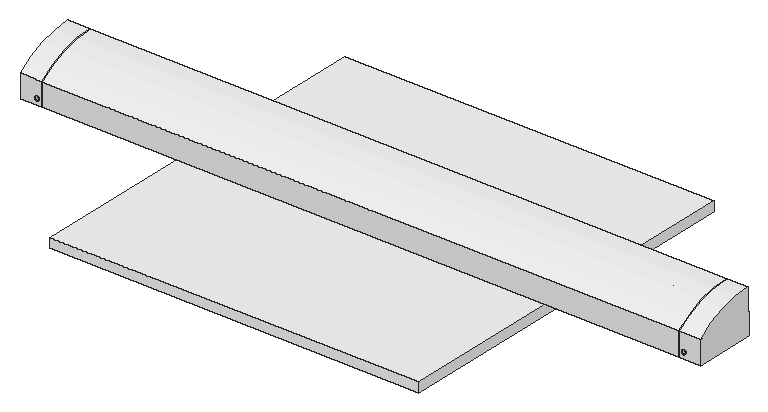
Revit family "BE_51258.1_de_DE", category Lighting Fixtures, host Face, Revit 2020
Family settings
  Host = Face
  Round Connector Dimension = Use Diameter
  Part Type = Normal
  Cut with Voids When Loaded = Yes
  Light Source = Yes
  Shared = No
  Room Calculation Point = Yes
Parameters (values of type "BEGA_51258.1_K3")
  Material_22 = BEGA_Oberfläche_Aluminium_matt
  built-in parameter 1150104 = 14.452 (stored number, unit not read)
  Wattage = 13.5 W
  Default Elevation = 0 mm
  built-in parameter 1150113 = 1 (stored number, unit not read)
  built-in parameter 1114218 = 1 (stored number, unit not read)
  Umgebungstemperatur = "25 °C"
  URL = "https://www.bega.com/de/produkt/51258.1"
  Type Comments = "© 2023 BEGA. Wir behalten uns das Recht vor, technische Änderungen ohne vorherige Ankündigung vorzunehmen."  # constant formula
  built-in parameter 1150134 = (empty or 0)
  built-in parameter 1150109 = 1 (stored number, unit not read)
  Strom = ""
  built-in parameter 1150110 = 1 (stored number, unit not read)
  Spannung = 239.996 V
  Sonderanfertigung = no
  Seriennummer [instance] = "Hier können Sie die eindeutige Seriennummer für das Facility Management eintragen."
  Schutzklasse = "I"
  Schutzart = "IP 20"
  Apparent Load = 0 VA
  Produktdatenblatt = "https://cdn.bega.com/bega/products/51258.1K3/current/documents/data-sheets/de"
  Tilt Angle = 0.00°
  Model = "51258.1K3"
  Material_34 = BEGA_Oberfläche_Samtweiss_matt
  Material_14 = BEGA_Kunststoff_opal
  Material_06 = BEGA_Oberfläche_Edelstahl_gebürstet
  M_W = no
  M_G = no
  M_A = no
  Logo = 0
  built-in parameter 1114217 = 1 (stored number, unit not read)
  built-in parameter 1150139 = (empty or 0)
  built-in parameter 1150105 = 167.12 (stored number, unit not read)
  built-in parameter 1150114 = 1 (stored number, unit not read)
  Lumens = 2100.06 lm
  built-in parameter 1150115 = 1 (stored number, unit not read)
  Leuchtenlichtstrom = "1407 lm"
  Leuchtenanzahl = ""
  Lebensdauerkriterien = "L70B50 @ 25 °C = 180000 h"
  Lastklassifizierung = Beleuchtung
  built-in parameter 1150112 = 1 (stored number, unit not read)
  Lampenlichtstrom = "2100 lm"
  Lamp = "LED 13.5 W"
  LED_Modulbezeichnung = "LED-1319/930"
  Manufacturer = "BEGA"  # constant formula
  Halbstreuwinkel = ""
  Gewicht = "2.0 kg"
  Frequenz = "0/50-60 Hz"
  Farbwiedergabeindex = "CRI > 90"
  Dimming Lamp Color Temperature Shift = <None>
  Farbtemperatur = "3000 K"
  Color Filter = 16777215
  built-in parameter 1150133 = 10 (stored number, unit not read)
  Energieeffizienzklasse = "LED A++ - A"
  built-in parameter 1150137 = (empty or 0)
  built-in parameter 1150132 = (empty or 0)
  Dimmbar [instance] = "DALI"
  Photometric Web File = "BE_51258-1K3.ies"
  CE_Konformität = "ja"
  Bestellnummer = "51258.1K3"
  Beschreibung_Sonderanfertigung = "Hier können Sie Informationen zur Sonderanfertigung eintragen."
  Description = "Wandleuchte"
  built-in parameter 1150106 = 1.6712 (stored number, unit not read)
  Befestigungsbohrung = "Ø 4,5 mm"
  Befestigungsabstand = "340 mm"
  BEGA_Intern_aus = yes
  BEGA_Intern_an = yes
  BEGA_Intern_Konstruktion = yes
  BEGA_Intern = yes
  BEGA_IES = yes
  BEGA_Dummy = no
  Anschlussleistung [instance] = "16.5 W"
  Anschlusskasten = ""
  built-in parameter 1150107 = 3000 (stored number, unit not read)
  built-in parameter 1150102 = (empty or 0)
  built-in parameter 1150138 = (empty or 0)
  Aktualisierung = "2023-02-27T04:00:04"
  AC/DC = "AC/DC"
Reference planes
  plane 1 "Mitte (Vorne/Hinten)": y = 0
  plane 2: z = 0
  plane 3 "Mitte (Links/Rechts)": x = 0
  plane 4 "Links": x = -368.5
  plane 5 "Rechts": x = 368.5
  plane 6 "Unten": y = -28.98
  plane 7 "Oben": y = 36.02
  plane 8 "Vorne": z = 48
  plane 9 "Hinten": z = 0
Forms (mm)
  Extrusion 1, solid, material "BEGA_Platte_Weiss"
    sketch origin (0, -1119.2, 0) x (1, 0, 0) y (0, 1, 0)
      loop
        line (-200, 1319.2) -> (-200, 919.2) -> (200, 919.2) -> (200, 1319.2) -> (-200, 1319.2)
    from 0 to -10
  Extrusion 2, solid, material "BEGA_Dummy_matt", visible <- "BEGA_Dummy"
    sketch origin (80.095, -76.023, 0) x (1, 0, 0) y (0, 1, 0)
      loop
        line (-448.595, 112.043) -> (-448.595, 47.043) -> (288.405, 47.043) -> (288.405, 112.043) -> (-448.595, 112.043)
    from 0 to 48
Dimensions and locks
  plane 1 "Mitte (Vorne/Hinten)" to Extrusion 1 = 200 mm
  aligned and locked: plane 2 to Extrusion 1
  aligned and locked: level to Extrusion 1
Nested families
  nested 1: "BE_51258.1_Leuchte" at (0, 0, 0), type "BE_51258.1_Leuchte"
Connectors
  electrical at (0, 0, 0), driven by "Lastklassifizierung", driven by "Spannung", driven by "Apparent Load"
    settings: index 1, voltage 239.996 V, apparent load 0 VA, apparent load phase1 0 VA, apparent load phase2 0 VA, apparent load phase3 0 VA, power factor 1, load classification "Beleuchtung", number of poles 1, system type 31, power factor state 1, is connector primary yes, connector utility no, sub classification motor no, connector description ""
Definition of nested family "BE_51258.1_Leuchte"
  Parameters (values of type "BE_51258.1_Leuchte")
    Material_22 = none
    Default Elevation = 1 mm
    URL = "http://www.bega.de/de/produkt"
    Type Comments = "© 2015 BEGA. Wir behalten uns das Recht vor, technische Änderungen ohne vorherige Ankündigung vorzunehmen. "  # constant formula
    Type Image = (empty or 0)
    Material_34 = none
    Material_14 = none
    Material_06 = none
    Länge_Platte = 800 mm  # constant formula
    Höhe_Platte = -10 mm  # constant formula
    Manufacturer = "BEGA"  # constant formula
    Breite_Platte = 200 mm  # constant formula
  Reference planes
    plane 1 "Mitte (Oben/Unten)": y = 0
    plane 2: z = 0
    plane 3 "Mitte (Links/Rechts)": x = 0
    plane 4: z = 48
    plane 5: y = -28.98
    plane 6: y = 36.02
    plane 7: z = 0
    plane 8: x = 368.5
    plane 9: x = -368.5
  Forms (mm)
    Extrusion 1, solid, detail levels medium
      sketch origin (0, 0, 0) x (1, 0, 0) y (0, 1, 0)
        loop
          line (-400, 100) -> (-400, -100) -> (400, -100) -> (400, 100) -> (-400, 100)
      from 0 to -10 <- "Höhe_Platte"
    Extrusion 2, solid, material <- "Material_22"
      sketch origin (0, 0, 0) x (0, 1, 0) y (0, 0, 1)
        loop
          line (-23.48, 4) -> (-25.98, 1.5) -> (-25.979, 0) -> (-22.981, 0) -> (-22.981, 1) -> (17.02, 1) -> (17.02, 0) -> (20.02, 0) -> (20.02, 1.5) -> (17.52, 4) -> (-23.48, 4)
      from -359 to 359
    Extrusion 3, void
      sketch origin (0, 0, 0) x (1, 0, 0) y (0, 1, 0)
        loop
          line (342.75, -0.729) -> (337.25, -0.729)
          arc (337.25, -0.729) -> (335, -2.979) -> (337.25, -5.229) r 2.25
          line (337.25, -5.229) -> (342.75, -5.229)
          arc (342.75, -5.229) -> (345, -2.979) -> (342.75, -0.729) r 2.25
        loop
          arc (318, -9.979) -> (325, -2.979) -> (318, 4.021) r 7
          line (318, 4.021) -> (267, 4.021)
          arc (267, 4.021) -> (260, -2.979) -> (267, -9.979) r 7
          line (267, -9.979) -> (318, -9.979)
        loop
          arc (238, -9.979) -> (245, -2.979) -> (238, 4.021) r 7
          line (238, 4.021) -> (187, 4.021)
          arc (187, 4.021) -> (180, -2.979) -> (187, -9.979) r 7
          line (187, -9.979) -> (238, -9.979)
        loop
          arc (158, -9.979) -> (165, -2.979) -> (158, 4.021) r 7
          line (158, 4.021) -> (107, 4.021)
          arc (107, 4.021) -> (100, -2.979) -> (107, -9.979) r 7
          line (107, -9.979) -> (158, -9.979)
        loop
          arc (78, -9.979) -> (85, -2.979) -> (78, 4.021) r 7
          line (78, 4.021) -> (27, 4.021)
          arc (27, 4.021) -> (20, -2.979) -> (27, -9.979) r 7
          line (27, -9.979) -> (78, -9.979)
        loop
          line (-2.75, -5.229) -> (2.75, -5.229)
          arc (2.75, -5.229) -> (5, -2.979) -> (2.75, -0.729) r 2.25
          line (2.75, -0.729) -> (-2.75, -0.729)
          arc (-2.75, -0.729) -> (-5, -2.979) -> (-2.75, -5.229) r 2.25
        loop
          arc (-27, -9.979) -> (-20, -2.979) -> (-27, 4.021) r 7
          line (-27, 4.021) -> (-78, 4.021)
          arc (-78, 4.021) -> (-85, -2.979) -> (-78, -9.979) r 7
          line (-78, -9.979) -> (-27, -9.979)
        loop
          line (-337.75, -5.729) -> (-337.75, -0.229)
          arc (-337.75, -0.229) -> (-340, 2.021) -> (-342.25, -0.229) r 2.25
          line (-342.25, -0.229) -> (-342.25, -5.729)
          arc (-342.25, -5.729) -> (-340, -7.979) -> (-337.75, -5.729) r 2.25
      from 1 to 4
    Extrusion 4, solid, material <- "Material_34"
      sketch origin (0, 0, 0) x (0, 1, 0) y (0, 0, 1)
        loop
          line (-28.98, 25.462) -> (-28.98, 0.283) -> (-27.697, 0.283) -> (-24.98, 3) -> (-24.98, 24.78) -> (-0.665, 30.842) -> (14.023, 10.627) -> (17.52, 4) -> (21.237, 0.283) -> (36.02, 0.283) -> (36.02, 8.159)
          arc (36.02, 8.159) -> (32.849, 8.078) -> (29.688, 8.332) r 29.876
          line (29.688, 8.332) -> (22.988, 3.481) -> (13.077, 17.032) -> (20.113, 22.144)
          arc (20.113, 22.144) -> (21.971, 28.1) -> (25.024, 33.54) r 29.876
          arc (25.024, 33.54) -> (30.138, 39.627) -> (36.02, 44.975) r 59.221
          line (36.02, 44.975) -> (36.02, 48)
          arc (36.02, 48) -> (1.622, 42.206) -> (-28.98, 25.462) r 105
      from -345 to 345
    Extrusion 5, solid, material <- "Material_34"
      sketch origin (0, 0, 0) x (0, 1, 0) y (0, 0, 1)
        loop
          arc (36.02, 48) -> (1.622, 42.206) -> (-28.98, 25.462) r 105
          line (-28.98, 25.462) -> (-28.98, 0.283) -> (36.02, 0.283) -> (36.02, 48)
      from -368.5 to -345
    Extrusion 6, solid, material <- "Material_34"
      sketch origin (0, 0, 0) x (0, 1, 0) y (0, 0, -1)
        loop
          line (36.02, -48) -> (36.02, -0.283) -> (-28.98, -0.283) -> (-28.98, -25.462)
          arc (-28.98, -25.462) -> (1.622, -42.206) -> (36.02, -48) r 105
      from -368.5 to -345
    Extrusion 7, void
      sketch origin (0, 0, 0) x (0, 1, 0) y (0, 0, 1)
        loop
          line (13.077, 17.032) -> (22.988, 3.481) -> (29.688, 8.332) -> (20.113, 22.144) -> (13.077, 17.032)
      from -363 to -332.2
    Extrusion 8, void
      sketch origin (0, 0, 0) x (0, 1, 0) y (0, 0, -1)
        loop
          line (13.077, -17.032) -> (20.113, -22.144) -> (29.688, -8.332) -> (22.988, -3.481) -> (13.077, -17.032)
      from -363 to -332.2
    Revolve 9, void
      sketch origin (345, 0, 0) x (0, 1, 0) y (0, 0, -1)
        loop
          line (25, -15.094) -> (47.906, -31.737) -> (56.823, -16.343)
          arc (56.823, -16.343) -> (49.92, -12.401) -> (42.55, -9.419) r 59.221
          arc (42.55, -9.419) -> (36.178, -8.172) -> (29.688, -8.332) r 29.876
          line (29.688, -8.332) -> (25, -15.094)
        axis (24.852, -14.987) -> (47.906, -31.737)
      angle from 0 to 360
    Revolve 10, void
      sketch origin (-345, 0, 0) x (0, 1, 0) y (0, 0, 1)
        loop
          line (25, 15.094) -> (29.688, 8.332)
          arc (29.688, 8.332) -> (36.178, 8.172) -> (42.55, 9.419) r 29.876
          arc (42.55, 9.419) -> (49.92, 12.401) -> (56.823, 16.343) r 59.221
          line (56.823, 16.343) -> (47.906, 31.737) -> (25, 15.094)
        axis (24.852, 14.987) -> (47.906, 31.737)
      angle from 0 to 360
    Extrusion 11, void
      sketch origin (0, 0, 0) x (0, 1, 0) y (0, 0, 1)
        loop
          line (21.237, 0.283) -> (17.52, 4) -> (-23.98, 4) -> (-27.697, 0.283) -> (21.237, 0.283)
      from 344.989 to 362.705
    Extrusion 12, void
      sketch origin (0, 0, 0) x (0, 1, 0) y (0, 0, -1)
        loop
          line (21.237, -0.283) -> (-27.697, -0.283) -> (-23.98, -4) -> (17.52, -4) -> (21.237, -0.283)
      from 344.989 to 362.705
    Extrusion 13, solid, material <- "Material_14"
      sketch origin (0, 0, 0) x (0, 1, 0) y (0, 0, 1)
        loop
          line (22.072, 23.197) -> (18.907, 20.897) -> (19.597, 19.894) -> (15.674, 16.861) -> (16.775, 15.345) -> (20.419, 17.855)
          arc (20.419, 17.855) -> (20.836, 18.263) -> (21.117, 18.774) r 2
          arc (21.117, 18.774) -> (31.768, 20.229) -> (27.093, 10.549) r 6.1
          arc (27.093, 10.549) -> (26.52, 10.439) -> (26.003, 10.169) r 2
          line (26.003, 10.169) -> (22.425, 7.569) -> (23.601, 5.951) -> (27.646, 8.89) -> (28.439, 7.798) -> (31.588, 10.086)
          arc (31.588, 10.086) -> (33.388, 21.402) -> (22.072, 23.197) r 8.1
      from -363 to 363
    Extrusion 14, void
      sketch origin (0, 0, 0) x (1, 0, 0) y (0, 0, 1)
        loop
          circle (-350.5, 7) r 2.2
        loop
          circle (350.5, 7) r 2.2
      from 17.033 to 28.98
    Extrusion 15, solid, material <- "Material_06"
      sketch origin (0, 0, 0) x (1, 0, 0) y (0, 0, 1)
        loop
          circle (350.5, 7) r 2.2
        loop
          circle (-350.5, 7) r 2.2
      from 17.785 to 28.98
  Cuts and joins
    Extrusion 3 cuts Extrusion 2
    Extrusion 7, Extrusion 8, Extrusion 11 cuts Extrusion 4
    Extrusion 7, Extrusion 8, Revolve 10, Extrusion 12, Extrusion 14 cuts Extrusion 5
    Extrusion 8, Revolve 9, Revolve 10, Extrusion 11, Extrusion 12, Extrusion 14 cuts Extrusion 6
  Dimensions and locks
    equal spacing: Extrusion 1 sketch curve, plane 3 "Mitte (Links/Rechts)", Extrusion 1 sketch curve
    equal spacing: Extrusion 1 sketch curve, plane 1 "Mitte (Oben/Unten)", Extrusion 1 sketch curve
    "Länge_Platte": Extrusion 1 sketch curve to Extrusion 1 sketch curve
    "Breite_Platte": Extrusion 1 sketch curve to Extrusion 1 sketch curve
    plane 1 "Mitte (Oben/Unten)" to Extrusion 1 = 100 mm  (x3)
    aligned and locked: Extrusion 1 to plane 2
    aligned and locked: Extrusion 1 to level
  Automatic sketch dimensions
    Extrusion 2 sketch curve to level = 0 mm  (x2)
    level to Extrusion 2 sketch curve = 1.5 mm  (x2)
    plane 1 "Mitte (Oben/Unten)" to Extrusion 2 sketch curve = 25.98 mm
    Extrusion 2 sketch curve to Extrusion 2 sketch curve = 0.001 mm
    Extrusion 2 sketch curve to Extrusion 2 sketch curve = 2.5 mm
    Extrusion 2 sketch curve to Extrusion 2 sketch curve = 2.998 mm
    level to Extrusion 2 sketch curve = 1 mm
    Extrusion 2 sketch curve to plane 1 "Mitte (Oben/Unten)" = 17.02 mm
    Extrusion 2 sketch curve to Extrusion 2 sketch curve = 0 mm  (x2)
    level to Extrusion 2 sketch curve = 4 mm
    Extrusion 2 sketch curve to Extrusion 2 sketch curve = 0.5 mm
    Extrusion 2 sketch curve to Extrusion 2 sketch curve = 3 mm
    plane 1 "Mitte (Oben/Unten)" to Extrusion 3 sketch curve = 0.229 mm
    Extrusion 3 sketch curve to plane 3 "Mitte (Links/Rechts)" = 342.25 mm
    Extrusion 3 sketch curve to Extrusion 3 sketch curve = 2.25 mm  (x3)
    plane 1 "Mitte (Oben/Unten)" to Extrusion 3 sketch curve = 2.979 mm  (x6)
    Extrusion 3 sketch curve to plane 3 "Mitte (Links/Rechts)" = 78 mm
    plane 1 "Mitte (Oben/Unten)" to Extrusion 3 sketch curve = 9.979 mm  (x2)
    Extrusion 3 sketch curve to plane 3 "Mitte (Links/Rechts)" = 27 mm
    Extrusion 3 sketch curve to plane 3 "Mitte (Links/Rechts)" = 2.75 mm
    plane 3 "Mitte (Links/Rechts)" to Extrusion 3 sketch curve = 2.75 mm
    Extrusion 3 sketch curve to Extrusion 3 sketch curve = 24.25 mm
    Extrusion 3 sketch curve to Extrusion 3 sketch curve = 51 mm  (x4)
    Extrusion 3 sketch curve to Extrusion 3 sketch curve = 29 mm  (x3)
    Extrusion 3 sketch curve to plane 1 "Mitte (Oben/Unten)" = 4.021 mm  (x3)
    Extrusion 3 sketch curve to Extrusion 3 sketch curve = 19.25 mm
    Extrusion 3 sketch curve to Extrusion 3 sketch curve = 5.5 mm  (x2)
    plane 1 "Mitte (Oben/Unten)" to Extrusion 3 sketch curve = 5.229 mm
    level to Extrusion 4 sketch curve = 0.283 mm  (x2)
    plane 1 "Mitte (Oben/Unten)" to Extrusion 4 sketch curve = 28.98 mm
    Extrusion 4 sketch curve to Extrusion 4 sketch curve = 1.283 mm
    Extrusion 4 sketch curve to Extrusion 4 sketch curve = 4 mm
    plane 1 "Mitte (Oben/Unten)" to Extrusion 4 sketch curve = 0.665 mm
    Extrusion 4 sketch curve to plane 1 "Mitte (Oben/Unten)" = 13.077 mm
    Extrusion 4 sketch curve to Extrusion 4 sketch curve = 0.947 mm
    level to Extrusion 4 sketch curve = 4 mm
    Extrusion 4 sketch curve to Extrusion 4 sketch curve = 3.497 mm
    Extrusion 4 sketch curve to Extrusion 4 sketch curve = 7.037 mm
    Extrusion 4 sketch curve to Extrusion 4 sketch curve = 3.717 mm
    level to Extrusion 4 sketch curve = 3.481 mm
    Extrusion 4 sketch curve to Extrusion 4 sketch curve = 1.75 mm
    level to Extrusion 4 sketch curve = 8.332 mm
    Extrusion 4 sketch curve to Extrusion 4 sketch curve = 6.7 mm
    Extrusion 4 sketch curve to Extrusion 4 sketch curve = 13.551 mm
    Extrusion 4 sketch curve to plane 1 "Mitte (Oben/Unten)" = 36.02 mm
    Extrusion 4 sketch curve to Extrusion 4 sketch curve = 6.332 mm
    Extrusion 4 sketch curve to Extrusion 4 sketch curve = 13.387 mm
    Extrusion 4 sketch curve to level = 1.42 mm
    Extrusion 4 sketch curve to Extrusion 4 sketch curve = 23.42 mm
    Extrusion 4 sketch curve to level = 57 mm
    level to Extrusion 4 sketch curve = 3 mm
    Extrusion 4 sketch curve to Extrusion 4 sketch curve = 0.173 mm
    Extrusion 4 sketch curve to Extrusion 4 sketch curve = 6.627 mm
    Extrusion 4 sketch curve to Extrusion 4 sketch curve = 8.116 mm
    Extrusion 4 sketch curve to Extrusion 4 sketch curve = 6.405 mm
    Extrusion 4 sketch curve to Extrusion 4 sketch curve = 5.113 mm
    Extrusion 4 sketch curve to Extrusion 4 sketch curve = 21.78 mm
    Extrusion 4 sketch curve to Extrusion 4 sketch curve = 0.682 mm
    Extrusion 4 sketch curve to Extrusion 4 sketch curve = 13.811 mm
    Extrusion 4 sketch curve to Extrusion 4 sketch curve = 3.025 mm
    level to Extrusion 5 sketch curve = 0.283 mm
    plane 1 "Mitte (Oben/Unten)" to Extrusion 5 sketch curve = 28.98 mm
    Extrusion 5 sketch curve to plane 1 "Mitte (Oben/Unten)" = 36.02 mm
    Extrusion 5 sketch curve to level = 57 mm
    Extrusion 5 sketch curve to Extrusion 5 sketch curve = 25.179 mm
    level to Extrusion 6 sketch curve = 0.283 mm
    plane 1 "Mitte (Oben/Unten)" to Extrusion 6 sketch curve = 28.98 mm
    Extrusion 6 sketch curve to plane 1 "Mitte (Oben/Unten)" = 36.02 mm
    Extrusion 6 sketch curve to Extrusion 6 sketch curve = 25.179 mm
    Extrusion 6 sketch curve to Extrusion 6 sketch curve = 47.717 mm
    Extrusion 7 sketch curve to plane 1 "Mitte (Oben/Unten)" = 13.077 mm
    Extrusion 7 sketch curve to Extrusion 7 sketch curve = 7.037 mm
    level to Extrusion 7 sketch curve = 3.481 mm
    Extrusion 7 sketch curve to Extrusion 7 sketch curve = 9.911 mm
    level to Extrusion 7 sketch curve = 8.332 mm
    Extrusion 7 sketch curve to Extrusion 7 sketch curve = 6.7 mm
    Extrusion 7 sketch curve to Extrusion 7 sketch curve = 13.55 mm
    Extrusion 7 sketch curve to Extrusion 7 sketch curve = 5.113 mm
    Extrusion 8 sketch curve to plane 1 "Mitte (Oben/Unten)" = 13.077 mm
    Extrusion 8 sketch curve to Extrusion 8 sketch curve = 7.037 mm
    level to Extrusion 8 sketch curve = 3.481 mm
    Extrusion 8 sketch curve to Extrusion 8 sketch curve = 9.911 mm
    level to Extrusion 8 sketch curve = 8.332 mm
    Extrusion 8 sketch curve to Extrusion 8 sketch curve = 6.7 mm
    Extrusion 8 sketch curve to Extrusion 8 sketch curve = 13.55 mm
    Extrusion 8 sketch curve to Extrusion 8 sketch curve = 5.113 mm
    Revolve 9 sketch curve to Extrusion 6 = 11.949 mm
    Revolve 9 sketch curve to Extrusion 6 = 11.02 mm
    Revolve 9 sketch curve to Extrusion 6 = 6.332 mm
    Revolve 9 sketch curve to Extrusion 6 = 2.356 mm
    Extrusion 6 to Revolve 9 sketch curve = 11.886 mm
    Revolve 9 sketch curve to Revolve 9 sketch curve = 8.918 mm
    Revolve 9 sketch curve to Extrusion 6 = 65.4 mm
    Revolve 9 sketch curve to Revolve 9 sketch curve = 27.741 mm
    Revolve 9 sketch curve to Revolve 9 sketch curve = 6.205 mm
    Revolve 9 sketch curve to Extrusion 6 = 16.06 mm
    Revolve 9 sketch curve to Extrusion 6 = 14.812 mm
    Revolve 9 sketch curve to Extrusion 6 = 8.05 mm
    Revolve 9 sketch curve to Revolve 9 sketch curve = 0 mm  (x4)
    Revolve 10 sketch curve to plane 1 "Mitte (Oben/Unten)" = 24.071 mm
    Revolve 10 sketch curve to plane 1 "Mitte (Oben/Unten)" = 25 mm
    level to Revolve 10 sketch curve = 8.332 mm
    Revolve 10 sketch curve to Revolve 10 sketch curve = 4.688 mm
    Revolve 10 sketch curve to Revolve 10 sketch curve = 8.664 mm
    Revolve 10 sketch curve to Revolve 10 sketch curve = 14.242 mm
    level to Revolve 10 sketch curve = 16.343 mm
    Revolve 10 sketch curve to Revolve 10 sketch curve = 8.918 mm
    Revolve 10 sketch curve to Revolve 10 sketch curve = 6.762 mm
    Revolve 10 sketch curve to Revolve 10 sketch curve = 15.394 mm
    Revolve 10 sketch curve to Revolve 10 sketch curve = 6.205 mm
    Revolve 10 sketch curve to Revolve 10 sketch curve = 27.741 mm
    Revolve 10 sketch curve to Revolve 10 sketch curve = 0 mm  (x4)
    level to Extrusion 11 sketch curve = 0.283 mm
    plane 1 "Mitte (Oben/Unten)" to Extrusion 11 sketch curve = 27.697 mm
    Extrusion 11 sketch curve to Extrusion 11 sketch curve = 3.717 mm  (x2)
    level to Extrusion 11 sketch curve = 4 mm
    Extrusion 11 sketch curve to plane 1 "Mitte (Oben/Unten)" = 17.52 mm
    level to Extrusion 12 sketch curve = 0.283 mm
    plane 1 "Mitte (Oben/Unten)" to Extrusion 12 sketch curve = 27.697 mm
    Extrusion 12 sketch curve to Extrusion 12 sketch curve = 3.717 mm  (x2)
    level to Extrusion 12 sketch curve = 4 mm
    Extrusion 12 sketch curve to plane 1 "Mitte (Oben/Unten)" = 17.52 mm
    Extrusion 13 sketch curve to Extrusion 13 sketch curve = 0 mm  (x7)
    Extrusion 13 sketch curve to plane 1 "Mitte (Oben/Unten)" = 15.674 mm
    Extrusion 13 sketch curve to Extrusion 13 sketch curve = 3.233 mm
    Extrusion 13 sketch curve to Extrusion 13 sketch curve = 0.336 mm
    Extrusion 13 sketch curve to Extrusion 13 sketch curve = 0.354 mm
    level to Extrusion 13 sketch curve = 7.569 mm
    Extrusion 13 sketch curve to Extrusion 13 sketch curve = 6.751 mm
    level to Extrusion 13 sketch curve = 5.951 mm
    Extrusion 13 sketch curve to Extrusion 13 sketch curve = 1.176 mm  (x3)
    level to Extrusion 13 sketch curve = 10.169 mm
    Extrusion 13 sketch curve to Extrusion 13 sketch curve = 0.83 mm
    level to Extrusion 13 sketch curve = 8.89 mm
    Extrusion 13 sketch curve to Extrusion 13 sketch curve = 0.467 mm
    level to Extrusion 13 sketch curve = 7.798 mm
    Extrusion 13 sketch curve to Extrusion 13 sketch curve = 0.794 mm
    level to Extrusion 13 sketch curve = 10.086 mm
    Extrusion 13 sketch curve to Extrusion 13 sketch curve = 3.149 mm
    Extrusion 13 sketch curve to Extrusion 13 sketch curve = 0.339 mm
    Extrusion 13 sketch curve to Extrusion 13 sketch curve = 6.475 mm
    Extrusion 13 sketch curve to Extrusion 13 sketch curve = 0.217 mm
    Extrusion 13 sketch curve to Extrusion 13 sketch curve = 2.612 mm
    Extrusion 13 sketch curve to Extrusion 13 sketch curve = 0.421 mm
    Extrusion 13 sketch curve to Extrusion 13 sketch curve = 1.003 mm
    Extrusion 13 sketch curve to Extrusion 13 sketch curve = 1.101 mm
    Extrusion 13 sketch curve to Extrusion 13 sketch curve = 0.698 mm
    Extrusion 13 sketch curve to Extrusion 13 sketch curve = 3.165 mm
    Extrusion 13 sketch curve to Extrusion 13 sketch curve = 1.09 mm
    Extrusion 13 sketch curve to Extrusion 13 sketch curve = 1.516 mm
    Extrusion 13 sketch curve to Extrusion 13 sketch curve = 0.92 mm
    level to Extrusion 15 sketch curve = 7 mm  (x2)
    Extrusion 15 sketch curve to plane 3 "Mitte (Links/Rechts)" = 350.5 mm
    plane 3 "Mitte (Links/Rechts)" to Extrusion 15 sketch curve = 350.5 mm
    radius of Extrusion 15 sketch curve = 2.2 mm  (x2)
